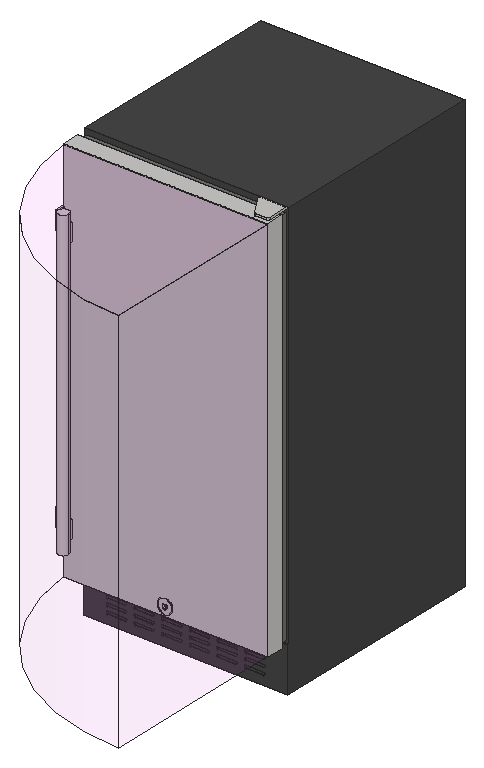
Revit family "QF_Summit_ASDS1523_ADA_Compliant_All_Refrigerator", category Specialty Equipment, Revit 2020
Family settings
  Round Connector Dimension = Use Diameter
  Part Type = Normal
  Work Plane-Based = No
  Always vertical = Yes
  Cut with Voids When Loaded = No
  Shared = No
  Room Calculation Point = No
Parameters
  Weight in Pounds = 59
  Watts = if(Phase = 3, Volts * FL Amps * 1.73, Volts * FL Amps)  # 115 W
  Volts = 115 V
  URL Cutsheet = ""
  Specification by User = ""
  Specification by Manufacturer = ""
  Show RHD [instance] = yes
  Show LHD [instance] = not(Show RHD)  # no
  Show Kickplate Extension [instance] = no
  Show Feet [instance] = not(Show Kickplate Extension)  # yes
  Show Clearance [instance] = yes
  Serial Number = ""
  Seismic Rating = ""
  SMACNA No = ""
  Revision Code = ""
  Phase = 1
  Number of Poles = 1
  NAFEM Spec ID Number = ""
  Model = "ASDS1523"
  Min Ckt Ampacity = 0 A
  Max Overcurrent Protection = 0 A
  Masterspec = ""
  Manufacturer = "Summit"
  Length = 14 3/4"
  Item Number = ""
  Installed By = ""
  Identify Quantity as Lot = yes
  Height = 32"
  HP = ""
  Furnished By = ""
  Foodservice Equipment Identifier = yes
  FL Amps = 1 A
  Electrical Remarks = ""
  Electric Connection Type = ""
  Elec Conn RI Height = 0"
  Elec Conn Connection Height = 0"
  Description = "ADA Compliant All-Refrigerator"
  Depth = 17 3/4"
  Default Elevation = 0"
  Cycle = 60 Hz
  Conn Plug = ""
  Conn Conduit = yes
  CSI MasterFormat = ""
  Base Height [instance] = if(Show Feet, 1/2", if(Show Kickplate Extension, 2", 1/2"))  # 1/2"
  Apparent Power = if(Phase = 3, Volts * FL Amps * 1.73, Volts * FL Amps)  # 115 VA
Reference planes (in)
  plane 1 "BACK": y = 0
  plane 2: z = 0
  plane 3 "LEFT": x = 0
  plane 4 "RIGHT": x = 14.75
  plane 5 "FRONT": y = -17.75
  plane 6 "TOP": z = 32
  plane 7 "Center Y": x = 7.375
  plane 8 "Center X": y = -8.875
  plane 9 "Base Height": z = 0.5
  plane 10: y = -31.25
  plane 11: y = -15.875
  plane 12: y = -19.75
  plane 13: z = 3.75
  plane 14: y = -16.5
Forms (in)
  Extrusion 1, solid, material "QF_Metal_Black"
    sketch origin (0, 0, 0.5) x (-1, 0, 0) y (0, -1, 0)
      loop
        line (0, 0) -> (0, 15.875) -> (-14.75, 15.875) -> (-14.75, 0) -> (0, 0)
    from 0 to 31.5
  Extrusion 2, solid, material "QF_Metal - Stainless - Polished"
    sketch origin (14.75, -15.875, 0.5) x (-1, 0, 0) y (0, 0, -1)
      loop
        line (14.75, -31.3125) -> (14.75, -3.25) -> (0, -3.25) -> (0, -31.3125) -> (14.75, -31.3125)
    from 0.625 to 1.875
  Extrusion 3, solid, material "QF_Rubber - Black - Smooth"
    sketch origin (14.75, -15.875, 0.5) x (-1, 0, 0) y (0, 0, -1)
      loop
        line (14.5625, -3.4375) -> (0.1875, -3.4375) -> (0.1875, -31.125) -> (14.5625, -31.125) -> (14.5625, -3.4375)
    from 0 to 0.625
  Extrusion 4, solid, material "QF_Metal - Stainless - Polished", visible <- "Show RHD"
    sketch origin (0, 0, 32) x (-1, 0, 0) y (0, -1, 0)
      loop
        line (-12.55283, 15.875) -> (-13.58839, 17.50301)
        arc (-13.58839, 17.50301) -> (-13.63387, 17.54662) -> (-13.69485, 17.5625) r 0.125
        line (-13.69485, 17.5625) -> (-14.5, 17.5625)
        arc (-14.5, 17.5625) -> (-14.58839, 17.52589) -> (-14.625, 17.4375) r 0.125
        line (-14.625, 17.4375) -> (-14.625, 15.875) -> (-12.55283, 15.875)
    from 0 to -0.125
  Extrusion 5, solid, material "QF_Metal - Stainless - Polished"
    sketch origin (14.75, -17.75, 0.5) x (-1, 0, 0) y (0, 0, -1)
      loop
        circle (7.4375, -3.885) r 0.5
      loop
        arc (7.46179, -4.07097) -> (7.62511, -3.88507) -> (7.46179, -3.69917) r 0.18746
        line (7.46179, -3.69917) -> (7.46179, -4.07097)
      loop
        line (7.41231, -4.07069) -> (7.41231, -3.69923)
        arc (7.41231, -3.69923) -> (7.2502, -3.88496) -> (7.41231, -4.07069) r 0.18745
    from -0.0625 to 0
  Extrusion 6, solid, material "QF_Rubber - Black - Smooth"
    sketch origin (0, 0, 0.5) x (1, 0, 0) y (0, 0, -1)
      loop
        circle (11.75, -1.80244) r 0.25
    from 0 to 0.0625
  Revolve 7, solid, material "QF_Metal - Stainless - Polished", visible <- "Show Feet"
    sketch origin (0.26375, -1.6875, 0) x (1, 0, 0) y (0, 0, 1)
      loop
        line (13.04811, 0.5) -> (12.86061, 0.5) -> (12.86061, 0.375) -> (12.48213, 0.375)
        arc (12.48213, 0.375) -> (12.44398, 0.35732) -> (12.43281, 0.31678) r 0.05
        line (12.43281, 0.31678) -> (12.47865, 0.04178)
        arc (12.47865, 0.04178) -> (12.49565, 0.01185) -> (12.52797, 0) r 0.05
        line (12.52797, 0) -> (13.04811, 0) -> (13.04811, 0.5)
      axis (13.04811, 0) -> (13.04811, 0.5)
    angle from 0 to 360
  Revolve 8, solid, material "QF_Metal - Stainless - Polished", visible <- "Show Feet"
    sketch origin (0.26375, -14.3125, 0) x (1, 0, 0) y (0, 0, 1)
      loop
        line (13.04811, 0.5) -> (12.86061, 0.5) -> (12.86061, 0.375) -> (12.48213, 0.375)
        arc (12.48213, 0.375) -> (12.44398, 0.35732) -> (12.43281, 0.31678) r 0.05
        line (12.43281, 0.31678) -> (12.47865, 0.04178)
        arc (12.47865, 0.04178) -> (12.49565, 0.01185) -> (12.52797, 0) r 0.05
        line (12.52797, 0) -> (13.04811, 0) -> (13.04811, 0.5)
      axis (13.04811, 0) -> (13.04811, 0.5)
    angle from 0 to 360
  Revolve 9, solid, material "QF_Metal - Stainless - Polished", visible <- "Show Feet"
    sketch origin (-11.61061, -1.6875, 0) x (1, 0, 0) y (0, 0, 1)
      loop
        line (13.04811, 0.5) -> (12.86061, 0.5) -> (12.86061, 0.375) -> (12.48213, 0.375)
        arc (12.48213, 0.375) -> (12.44398, 0.35732) -> (12.43281, 0.31678) r 0.05
        line (12.43281, 0.31678) -> (12.47865, 0.04178)
        arc (12.47865, 0.04178) -> (12.49565, 0.01185) -> (12.52797, 0) r 0.05
        line (12.52797, 0) -> (13.04811, 0) -> (13.04811, 0.5)
      axis (13.04811, 0) -> (13.04811, 0.5)
    angle from 0 to 360
  Revolve 10, solid, material "QF_Metal - Stainless - Polished", visible <- "Show Feet"
    sketch origin (-11.61061, -14.3125, 0) x (1, 0, 0) y (0, 0, 1)
      loop
        line (13.04811, 0.5) -> (12.86061, 0.5) -> (12.86061, 0.375) -> (12.48213, 0.375)
        arc (12.48213, 0.375) -> (12.44398, 0.35732) -> (12.43281, 0.31678) r 0.05
        line (12.43281, 0.31678) -> (12.47865, 0.04178)
        arc (12.47865, 0.04178) -> (12.49565, 0.01185) -> (12.52797, 0) r 0.05
        line (12.52797, 0) -> (13.04811, 0) -> (13.04811, 0.5)
      axis (13.04811, 0) -> (13.04811, 0.5)
    angle from 0 to 360
  Extrusion 11, solid, material "QF_Clearances_Door_Drawer", visible <- "Show RHD"
    sketch origin (0, 0, 0.5) x (-1, 0, 0) y (0, -1, 0)
      loop
        arc (-0.01397, 17.75) -> (-4.74104, 27.38271) -> (-14.75, 31.24987) r 14.72454
        line (-14.75, 31.24987) -> (-14.75, 17.75) -> (-0.01397, 17.75)
    from 3.25 to 31.25
  Extrusion 12, solid, material "QF_Metal_Black"
    sketch origin (14.75, -15.875, 0.5) x (-1, 0, 0) y (0, 0, -1)
      loop
        line (14.75, -3.25) -> (14.75, 0) -> (0, 0) -> (0, -3.25) -> (14.75, -3.25)
      loop
        arc (1.75, -2.625) -> (1.625, -2.75) -> (1.75, -2.875) r 0.125
        line (1.75, -2.875) -> (3, -2.875)
        arc (3, -2.875) -> (3.125, -2.75) -> (3, -2.625) r 0.125
        line (3, -2.625) -> (1.75, -2.625)
      loop
        arc (1.75, -2.125) -> (1.625, -2.25) -> (1.75, -2.375) r 0.125
        line (1.75, -2.375) -> (3, -2.375)
        arc (3, -2.375) -> (3.125, -2.25) -> (3, -2.125) r 0.125
        line (3, -2.125) -> (1.75, -2.125)
      loop
        arc (1.75, -1.625) -> (1.625, -1.75) -> (1.75, -1.875) r 0.125
        line (1.75, -1.875) -> (3, -1.875)
        arc (3, -1.875) -> (3.125, -1.75) -> (3, -1.625) r 0.125
        line (3, -1.625) -> (1.75, -1.625)
      loop
        arc (1.75, -1.125) -> (1.625, -1.25) -> (1.75, -1.375) r 0.125
        line (1.75, -1.375) -> (3, -1.375)
        arc (3, -1.375) -> (3.125, -1.25) -> (3, -1.125) r 0.125
        line (3, -1.125) -> (1.75, -1.125)
      loop
        arc (1.75, -0.625) -> (1.625, -0.75) -> (1.75, -0.875) r 0.125
        line (1.75, -0.875) -> (3, -0.875)
        arc (3, -0.875) -> (3.125, -0.75) -> (3, -0.625) r 0.125
        line (3, -0.625) -> (1.75, -0.625)
      loop
        arc (3.75, -2.625) -> (3.625, -2.75) -> (3.75, -2.875) r 0.125
        line (3.75, -2.875) -> (5, -2.875)
        arc (5, -2.875) -> (5.125, -2.75) -> (5, -2.625) r 0.125
        line (5, -2.625) -> (3.75, -2.625)
      loop
        arc (3.75, -2.125) -> (3.625, -2.25) -> (3.75, -2.375) r 0.125
        line (3.75, -2.375) -> (5, -2.375)
        arc (5, -2.375) -> (5.125, -2.25) -> (5, -2.125) r 0.125
        line (5, -2.125) -> (3.75, -2.125)
      loop
        arc (3.75, -1.625) -> (3.625, -1.75) -> (3.75, -1.875) r 0.125
        line (3.75, -1.875) -> (5, -1.875)
        arc (5, -1.875) -> (5.125, -1.75) -> (5, -1.625) r 0.125
        line (5, -1.625) -> (3.75, -1.625)
      loop
        arc (3.75, -1.125) -> (3.625, -1.25) -> (3.75, -1.375) r 0.125
        line (3.75, -1.375) -> (5, -1.375)
        arc (5, -1.375) -> (5.125, -1.25) -> (5, -1.125) r 0.125
        line (5, -1.125) -> (3.75, -1.125)
      loop
        arc (3.75, -0.625) -> (3.625, -0.75) -> (3.75, -0.875) r 0.125
        line (3.75, -0.875) -> (5, -0.875)
        arc (5, -0.875) -> (5.125, -0.75) -> (5, -0.625) r 0.125
        line (5, -0.625) -> (3.75, -0.625)
      loop
        arc (5.75, -2.625) -> (5.625, -2.75) -> (5.75, -2.875) r 0.125
        line (5.75, -2.875) -> (7, -2.875)
        arc (7, -2.875) -> (7.125, -2.75) -> (7, -2.625) r 0.125
        line (7, -2.625) -> (5.75, -2.625)
      loop
        arc (5.75, -2.125) -> (5.625, -2.25) -> (5.75, -2.375) r 0.125
        line (5.75, -2.375) -> (7, -2.375)
        arc (7, -2.375) -> (7.125, -2.25) -> (7, -2.125) r 0.125
        line (7, -2.125) -> (5.75, -2.125)
      loop
        arc (5.75, -1.625) -> (5.625, -1.75) -> (5.75, -1.875) r 0.125
        line (5.75, -1.875) -> (7, -1.875)
        arc (7, -1.875) -> (7.125, -1.75) -> (7, -1.625) r 0.125
        line (7, -1.625) -> (5.75, -1.625)
      loop
        arc (5.75, -1.125) -> (5.625, -1.25) -> (5.75, -1.375) r 0.125
        line (5.75, -1.375) -> (7, -1.375)
        arc (7, -1.375) -> (7.125, -1.25) -> (7, -1.125) r 0.125
        line (7, -1.125) -> (5.75, -1.125)
      loop
        arc (5.75, -0.625) -> (5.625, -0.75) -> (5.75, -0.875) r 0.125
        line (5.75, -0.875) -> (7, -0.875)
        arc (7, -0.875) -> (7.125, -0.75) -> (7, -0.625) r 0.125
        line (7, -0.625) -> (5.75, -0.625)
      loop
        arc (7.75, -2.625) -> (7.625, -2.75) -> (7.75, -2.875) r 0.125
        line (7.75, -2.875) -> (9, -2.875)
        arc (9, -2.875) -> (9.125, -2.75) -> (9, -2.625) r 0.125
        line (9, -2.625) -> (7.75, -2.625)
      loop
        arc (7.75, -2.125) -> (7.625, -2.25) -> (7.75, -2.375) r 0.125
        line (7.75, -2.375) -> (9, -2.375)
        arc (9, -2.375) -> (9.125, -2.25) -> (9, -2.125) r 0.125
        line (9, -2.125) -> (7.75, -2.125)
      loop
        arc (7.75, -1.625) -> (7.625, -1.75) -> (7.75, -1.875) r 0.125
        line (7.75, -1.875) -> (9, -1.875)
        arc (9, -1.875) -> (9.125, -1.75) -> (9, -1.625) r 0.125
        line (9, -1.625) -> (7.75, -1.625)
      loop
        arc (7.75, -1.125) -> (7.625, -1.25) -> (7.75, -1.375) r 0.125
        line (7.75, -1.375) -> (9, -1.375)
        arc (9, -1.375) -> (9.125, -1.25) -> (9, -1.125) r 0.125
        line (9, -1.125) -> (7.75, -1.125)
      loop
        arc (7.75, -0.625) -> (7.625, -0.75) -> (7.75, -0.875) r 0.125
        line (7.75, -0.875) -> (9, -0.875)
        arc (9, -0.875) -> (9.125, -0.75) -> (9, -0.625) r 0.125
        line (9, -0.625) -> (7.75, -0.625)
      loop
        arc (9.75, -2.625) -> (9.625, -2.75) -> (9.75, -2.875) r 0.125
        line (9.75, -2.875) -> (11, -2.875)
        arc (11, -2.875) -> (11.125, -2.75) -> (11, -2.625) r 0.125
        line (11, -2.625) -> (9.75, -2.625)
      loop
        arc (9.75, -2.125) -> (9.625, -2.25) -> (9.75, -2.375) r 0.125
        line (9.75, -2.375) -> (11, -2.375)
        arc (11, -2.375) -> (11.125, -2.25) -> (11, -2.125) r 0.125
        line (11, -2.125) -> (9.75, -2.125)
      loop
        arc (9.75, -1.625) -> (9.625, -1.75) -> (9.75, -1.875) r 0.125
        line (9.75, -1.875) -> (11, -1.875)
        arc (11, -1.875) -> (11.125, -1.75) -> (11, -1.625) r 0.125
        line (11, -1.625) -> (9.75, -1.625)
      loop
        arc (9.75, -1.125) -> (9.625, -1.25) -> (9.75, -1.375) r 0.125
        line (9.75, -1.375) -> (11, -1.375)
        arc (11, -1.375) -> (11.125, -1.25) -> (11, -1.125) r 0.125
        line (11, -1.125) -> (9.75, -1.125)
      loop
        arc (9.75, -0.625) -> (9.625, -0.75) -> (9.75, -0.875) r 0.125
        line (9.75, -0.875) -> (11, -0.875)
        arc (11, -0.875) -> (11.125, -0.75) -> (11, -0.625) r 0.125
        line (11, -0.625) -> (9.75, -0.625)
      loop
        arc (11.75, -2.625) -> (11.625, -2.75) -> (11.75, -2.875) r 0.125
        line (11.75, -2.875) -> (13, -2.875)
        arc (13, -2.875) -> (13.125, -2.75) -> (13, -2.625) r 0.125
        line (13, -2.625) -> (11.75, -2.625)
      loop
        arc (11.75, -2.125) -> (11.625, -2.25) -> (11.75, -2.375) r 0.125
        line (11.75, -2.375) -> (13, -2.375)
        arc (13, -2.375) -> (13.125, -2.25) -> (13, -2.125) r 0.125
        line (13, -2.125) -> (11.75, -2.125)
      loop
        arc (11.75, -1.625) -> (11.625, -1.75) -> (11.75, -1.875) r 0.125
        line (11.75, -1.875) -> (13, -1.875)
        arc (13, -1.875) -> (13.125, -1.75) -> (13, -1.625) r 0.125
        line (13, -1.625) -> (11.75, -1.625)
      loop
        arc (11.75, -1.125) -> (11.625, -1.25) -> (11.75, -1.375) r 0.125
        line (11.75, -1.375) -> (13, -1.375)
        arc (13, -1.375) -> (13.125, -1.25) -> (13, -1.125) r 0.125
        line (13, -1.125) -> (11.75, -1.125)
      loop
        arc (11.75, -0.625) -> (11.625, -0.75) -> (11.75, -0.875) r 0.125
        line (11.75, -0.875) -> (13, -0.875)
        arc (13, -0.875) -> (13.125, -0.75) -> (13, -0.625) r 0.125
        line (13, -0.625) -> (11.75, -0.625)
    from 0 to 0.0625
  Extrusion 13, solid, material "QF_Metal - Stainless - Polished"
    sketch origin (0.125, 0, 31.875) x (0, -1, 0) y (-1, 0, 0)
      loop
        circle (17.0625, -14.1875) r 0.10936
    from 0 to 0.0625
  Extrusion 14, void
    sketch origin (14.75, -17.75, 0.5) x (-1, 0, 0) y (0, 0, -1)
      loop
        circle (7.4375, -3.88646) r 0.5625
    from 0.25 to -0.0625
  Extrusion 15, solid, material "QF_Metal - Stainless - Polished", visible <- "Show RHD"
    sketch origin (0, 0, 0.5) x (-1, 0, 0) y (0, -1, 0)
      loop
        circle (-1.25, 19.375) r 0.375
    from 6 to 28
  Extrusion 16, solid, material "QF_Metal - Stainless - Polished", visible <- "Show RHD"
    sketch origin (0, 0, 0.5) x (-1, 0, 0) y (0, -1, 0)
      loop
        line (-1.5, 19.09549) -> (-1.5, 18.94199)
        arc (-1.5, 18.94199) -> (-1.37941, 18.89204) -> (-1.25, 18.875) r 0.5
        arc (-1.25, 18.875) -> (-1.12181, 18.89171) -> (-1.00219, 18.94073) r 0.5
        arc (-1.00219, 18.94073) -> (-0.94801, 18.95377) -> (-0.89527, 18.93579) r 0.1
        line (-0.89527, 18.93579) -> (-0.04264, 18.33878)
        arc (-0.04264, 18.33878) -> (-0.0113, 18.30304) -> (0, 18.25686) r 0.1
        line (0, 18.25686) -> (0, 17.25686) -> (0.125, 17.25686) -> (0.125, 18.32193)
        arc (0.125, 18.32193) -> (0.1137, 18.36811) -> (0.08236, 18.40385) r 0.1
        line (0.08236, 18.40385) -> (-0.96185, 19.13501)
        arc (-0.96185, 19.13501) -> (-1.22254, 19.00101) -> (-1.5, 19.09549) r 0.375
    from 26 to 27.25
  Extrusion 17, solid, material "QF_Metal - Stainless - Polished", visible <- "Show RHD"
    sketch origin (0, 0, 0.5) x (-1, 0, 0) y (0, -1, 0)
      loop
        line (-1.5, 19.09549) -> (-1.5, 18.94199)
        arc (-1.5, 18.94199) -> (-1.37941, 18.89204) -> (-1.25, 18.875) r 0.5
        arc (-1.25, 18.875) -> (-1.12181, 18.89171) -> (-1.00219, 18.94073) r 0.5
        arc (-1.00219, 18.94073) -> (-0.94801, 18.95377) -> (-0.89527, 18.93579) r 0.1
        line (-0.89527, 18.93579) -> (-0.04264, 18.33878)
        arc (-0.04264, 18.33878) -> (-0.0113, 18.30304) -> (0, 18.25686) r 0.1
        line (0, 18.25686) -> (0, 17.25686) -> (0.125, 17.25686) -> (0.125, 18.32193)
        arc (0.125, 18.32193) -> (0.1137, 18.36811) -> (0.08236, 18.40385) r 0.1
        line (0.08236, 18.40385) -> (-0.96185, 19.13501)
        arc (-0.96185, 19.13501) -> (-1.22254, 19.00101) -> (-1.5, 19.09549) r 0.375
    from 6.75 to 8
  Extrusion 18, solid, material "QF_Metal - Stainless - Polished", visible <- "Show LHD"
    sketch origin (14.75, 0, 32) x (1, 0, 0) y (0, 1, 0)
      loop
        line (-12.55283, -15.875) -> (-14.625, -15.875) -> (-14.625, -17.4375)
        arc (-14.625, -17.4375) -> (-14.58839, -17.52589) -> (-14.5, -17.5625) r 0.125
        line (-14.5, -17.5625) -> (-13.69485, -17.5625)
        arc (-13.69485, -17.5625) -> (-13.63387, -17.54662) -> (-13.58839, -17.50301) r 0.125
        line (-13.58839, -17.50301) -> (-12.55283, -15.875)
    from 0 to -0.125
  Extrusion 19, solid, material "QF_Clearances_Door_Drawer", visible <- "Show LHD"
    sketch origin (14.75, 0, 0.5) x (1, 0, 0) y (0, 1, 0)
      loop
        line (-0.01397, -17.75) -> (-14.75, -17.75) -> (-14.75, -31.24987)
        arc (-14.75, -31.24987) -> (-4.74104, -27.38271) -> (-0.01397, -17.75) r 14.72454
    from 3.25 to 31.25
  Extrusion 20, solid, material "QF_Metal - Stainless - Polished", visible <- "Show LHD"
    sketch origin (14.75, 0, 0.5) x (1, 0, 0) y (0, 1, 0)
      loop
        circle (-1.25, -19.375) r 0.375
    from 6 to 28
  Extrusion 21, solid, material "QF_Metal - Stainless - Polished", visible <- "Show LHD"
    sketch origin (14.75, 0, 0.5) x (1, 0, 0) y (0, 1, 0)
      loop
        arc (-1.5, -19.09549) -> (-1.22254, -19.00101) -> (-0.96185, -19.13501) r 0.375
        line (-0.96185, -19.13501) -> (0.08236, -18.40385)
        arc (0.08236, -18.40385) -> (0.1137, -18.36811) -> (0.125, -18.32193) r 0.1
        line (0.125, -18.32193) -> (0.125, -17.25686) -> (0, -17.25686) -> (0, -18.25686)
        arc (0, -18.25686) -> (-0.0113, -18.30304) -> (-0.04264, -18.33878) r 0.1
        line (-0.04264, -18.33878) -> (-0.89527, -18.93579)
        arc (-0.89527, -18.93579) -> (-0.94801, -18.95377) -> (-1.00219, -18.94073) r 0.1
        arc (-1.00219, -18.94073) -> (-1.12181, -18.89171) -> (-1.25, -18.875) r 0.5
        arc (-1.25, -18.875) -> (-1.37941, -18.89204) -> (-1.5, -18.94199) r 0.5
        line (-1.5, -18.94199) -> (-1.5, -19.09549)
    from 26 to 27.25
  Extrusion 22, solid, material "QF_Metal - Stainless - Polished", visible <- "Show LHD"
    sketch origin (14.75, 0, 0.5) x (1, 0, 0) y (0, 1, 0)
      loop
        arc (-1.5, -19.09549) -> (-1.22254, -19.00101) -> (-0.96185, -19.13501) r 0.375
        line (-0.96185, -19.13501) -> (0.08236, -18.40385)
        arc (0.08236, -18.40385) -> (0.1137, -18.36811) -> (0.125, -18.32193) r 0.1
        line (0.125, -18.32193) -> (0.125, -17.25686) -> (0, -17.25686) -> (0, -18.25686)
        arc (0, -18.25686) -> (-0.0113, -18.30304) -> (-0.04264, -18.33878) r 0.1
        line (-0.04264, -18.33878) -> (-0.89527, -18.93579)
        arc (-0.89527, -18.93579) -> (-0.94801, -18.95377) -> (-1.00219, -18.94073) r 0.1
        arc (-1.00219, -18.94073) -> (-1.12181, -18.89171) -> (-1.25, -18.875) r 0.5
        arc (-1.25, -18.875) -> (-1.37941, -18.89204) -> (-1.5, -18.94199) r 0.5
        line (-1.5, -18.94199) -> (-1.5, -19.09549)
    from 6.75 to 8
Cuts and joins
  joined: Extrusion 1, Extrusion 12
  Extrusion 14 cuts Extrusion 2
Lines and regions (in)
  symbolic lines
    curve 1: line (0, 0, 0.5) -> (14.75, 0, 0.5)
    curve 2: line (0, -15.875, 0.5) -> (0, 0, 0.5)
    curve 3: line (14.75, -15.875, 0.5) -> (0, -15.875, 0.5)
    curve 4: line (14.75, 0, 0.5) -> (14.75, -15.875, 0.5)
  symbolic lines, visible <- "Show RHD"
    curve 5: line (0, -16.5, 0.5) -> (12.95039, -16.5, 0.5)
    curve 6: line (0, -18.25686, 0.5) -> (0, -16.5, 0.5)
    curve 7: line (14.75, -17.75, 0.5) -> (0, -17.75, 0.5)
    curve 8: line (0.1875, -15.875, 0.5) -> (0.1875, -16.5, 0.5)
    curve 11: line (14.625, -17.4375, 0.5) -> (14.625, -15.875, 0.5)
    curve 12: line (12.55283, -15.875, 0.5) -> (13.58839, -17.50301, 0.5)
    curve 13: arc (13.58839, -17.50301, 0.5) -> (13.63387, -17.54662, 0.5) -> (13.69485, -17.5625, 0.5) r 0.125
    curve 14: line (13.69485, -17.5625, 0.5) -> (14.5, -17.5625, 0.5)
    curve 15: arc (14.5, -17.5625, 0.5) -> (14.58839, -17.52589, 0.5) -> (14.625, -17.4375, 0.5) r 0.125
    curve 16: line (14.75, -16.49976, 0.5) -> (14.75, -17.75, 0.5)
    curve 17: arc (0.875, -19.375, 0.5) -> (1.25, -19.75, 0.5) -> (1.625, -19.375, 0.5) r 0.375
    curve 18: arc (1.625, -19.375, 0.5) -> (1.25, -19, 0.5) -> (0.875, -19.375, 0.5) r 0.375
    curve 19: line (-0.08236, -18.40385, 0.5) -> (0.96185, -19.13501, 0.5)
    curve 20: arc (-0.125, -18.32193, 0.5) -> (-0.1137, -18.36811, 0.5) -> (-0.08236, -18.40385, 0.5) r 0.1
    curve 21: line (-0.125, -17.25686, 0.5) -> (-0.125, -18.32193, 0.5)
    curve 22: line (-0.125, -17.25686, 0.5) -> (0, -17.25686, 0.5)
    curve 23: arc (0.04264, -18.33878, 0.5) -> (0.0113, -18.30304, 0.5) -> (0, -18.25686, 0.5) r 0.1
    curve 24: line (0.89527, -18.93579, 0.5) -> (0.04264, -18.33878, 0.5)
    curve 25: arc (1.00219, -18.94073, 0.5) -> (0.94801, -18.95377, 0.5) -> (0.89527, -18.93579, 0.5) r 0.1
    curve 26: arc (1.25, -18.875, 0.5) -> (1.12181, -18.89171, 0.5) -> (1.00219, -18.94073, 0.5) r 0.5
    curve 27: arc (1.5, -18.94199, 0.5) -> (1.37941, -18.89204, 0.5) -> (1.25, -18.875, 0.5) r 0.5
    curve 28: line (1.5, -19.09549, 0.5) -> (1.5, -18.94199, 0.5)
    curve 29: line (14.75, -16.49976, 0.5) -> (14.625, -16.49976, 0.5)
  symbolic lines, style "QF_Clearances_Door_Drawer", visible <- "Show RHD"
    curve 9: arc (0.01397, -17.75, 0.5) -> (0.8085, -21.44333, 0.5) -> (2.51664, -24.81293, 0.5) r 14.72454
    curve 10: line (14.75, -17.75, 0.5) -> (2.51664, -24.81293, 0.5)
  symbolic lines, visible <- "Show LHD"
    curve 30: line (14.75, -16.5, 0.5) -> (1.79961, -16.5, 0.5)
    curve 31: line (14.75, -18.25686, 0.5) -> (14.75, -16.5, 0.5)
    curve 32: line (0, -17.75, 0.5) -> (14.75, -17.75, 0.5)
    curve 33: line (14.5625, -15.875, 0.5) -> (14.5625, -16.5, 0.5)
    curve 36: line (0.125, -17.4375, 0.5) -> (0.125, -15.875, 0.5)
    curve 37: line (2.19717, -15.875, 0.5) -> (1.16161, -17.50301, 0.5)
    curve 38: arc (1.16161, -17.50301, 0.5) -> (1.11613, -17.54662, 0.5) -> (1.05515, -17.5625, 0.5) r 0.125
    curve 39: line (1.05515, -17.5625, 0.5) -> (0.25, -17.5625, 0.5)
    curve 40: arc (0.25, -17.5625, 0.5) -> (0.16161, -17.52589, 0.5) -> (0.125, -17.4375, 0.5) r 0.125
    curve 41: line (0, -16.49976, 0.5) -> (0, -17.75, 0.5)
    curve 42: arc (13.875, -19.375, 0.5) -> (13.5, -19.75, 0.5) -> (13.125, -19.375, 0.5) r 0.375
    curve 43: arc (13.125, -19.375, 0.5) -> (13.5, -19, 0.5) -> (13.875, -19.375, 0.5) r 0.375
    curve 44: line (14.83236, -18.40385, 0.5) -> (13.78815, -19.13501, 0.5)
    curve 45: arc (14.875, -18.32193, 0.5) -> (14.8637, -18.36811, 0.5) -> (14.83236, -18.40385, 0.5) r 0.1
    curve 46: line (14.875, -17.25686, 0.5) -> (14.875, -18.32193, 0.5)
    curve 47: line (14.875, -17.25686, 0.5) -> (14.75, -17.25686, 0.5)
    curve 48: arc (14.70736, -18.33878, 0.5) -> (14.7387, -18.30304, 0.5) -> (14.75, -18.25686, 0.5) r 0.1
    curve 49: line (13.85473, -18.93579, 0.5) -> (14.70736, -18.33878, 0.5)
    curve 50: arc (13.74781, -18.94073, 0.5) -> (13.80199, -18.95377, 0.5) -> (13.85473, -18.93579, 0.5) r 0.1
    curve 51: arc (13.5, -18.875, 0.5) -> (13.62819, -18.89171, 0.5) -> (13.74781, -18.94073, 0.5) r 0.5
    curve 52: arc (13.25, -18.94199, 0.5) -> (13.37059, -18.89204, 0.5) -> (13.5, -18.875, 0.5) r 0.5
    curve 53: line (13.25, -19.09549, 0.5) -> (13.25, -18.94199, 0.5)
    curve 54: line (0, -16.49976, 0.5) -> (0.125, -16.49976, 0.5)
  symbolic lines, style "QF_Clearances_Door_Drawer", visible <- "Show LHD"
    curve 34: arc (14.73603, -17.75, 0.5) -> (13.9415, -21.44333, 0.5) -> (12.23336, -24.81293, 0.5) r 14.72454
    curve 35: line (0, -17.75, 0.5) -> (12.23336, -24.81293, 0.5)
Dimensions and locks (in)
  equal spacing: plane 3 "LEFT", plane 7 "Center Y", plane 4 "RIGHT"
  "Length": plane 3 "LEFT" to plane 4 "RIGHT"
  equal spacing: plane 5 "FRONT", plane 8 "Center X", plane 1 "BACK"
  "Depth": plane 5 "FRONT" to plane 1 "BACK"
  plane 6 "TOP" to level = 32"
  "Base Height": plane 9 "Base Height" to level
  plane 10 to plane 1 "BACK" = 31 1/4"
  plane 11 to plane 1 "BACK" = 15 7/8"
  plane 12 to plane 5 "FRONT" = 2"
  plane 13 to plane 9 "Base Height" = 3 1/4"
  locked: plane 6 "TOP" to plane 9 "Base Height" at 31.5
  plane 5 "FRONT" to plane 14 = 1 1/4"
  aligned and locked: level to plane 2
Automatic sketch dimensions
  curve 17 to curve 26 = 0"  (x2)
  curve 17 to curve 27 = 0"
  curve 42 to curve 51 = 0"  (x2)
  curve 42 to curve 52 = 0"
  plane 14 to curve 31 = 0"
  plane 5 "FRONT" to curve 32 = 0"
  curve 10 to plane 4 "RIGHT" = 0"
  plane 1 "BACK" to curve 1 = 0"
  curve 1 to plane 4 "RIGHT" = 0"
  curve 11 to plane 11 = 0"
  plane 14 to curve 5 = 0"
  plane 5 "FRONT" to curve 9 = 0"
  curve 6 to plane 3 "LEFT" = 0"
  curve 1 to plane 3 "LEFT" = 0"
  curve 7 to curve 41 = 14 3/4"
  curve 34 to curve 41 = 1/16"
  curve 36 to curve 32 = 1/8"
  curve 39 to curve 40 = 1/8"
  curve 39 to plane 5 "FRONT" = 3/16"
  curve 39 to curve 39 = 0.80515"
  curve 37 to plane 5 "FRONT" = 0.24699"
  curve 37 to curve 38 = 0.10646"
  curve 35 to plane 12 = 5.06293"
  curve 35 to curve 37 = 11.07175"
  plane 12 to curve 53 = 0.80801"
  curve 53 to curve 35 = 1.01664"
  curve 52 to curve 53 = 1/4"
  curve 50 to curve 51 = 0.29737"
  plane 12 to curve 49 = 0.81421"
  curve 49 to curve 50 = 0.05736"
  plane 5 "FRONT" to curve 48 = 0.50686"
  curve 48 to curve 50 = 0.85263"
  plane 5 "FRONT" to curve 49 = 0.58878"
  curve 49 to curve 48 = 0.05736"
  curve 45 to curve 31 = 0.025"
  plane 5 "FRONT" to curve 44 = 0.65385"
  curve 44 to curve 45 = 0.05736"
  curve 46 to curve 44 = 0.04264"
  plane 4 "RIGHT" to curve 9 = 1/16"
  plane 4 "RIGHT" to curve 11 = 1/8"
  curve 15 to curve 15 = 1/8"
  curve 14 to plane 5 "FRONT" = 3/16"
  curve 14 to curve 14 = 0.80515"
  curve 12 to plane 5 "FRONT" = 0.24699"
  curve 13 to curve 12 = 0.10646"
  plane 3 "LEFT" to curve 10 = 2.51664"
  plane 3 "LEFT" to curve 28 = 1 1/2"
  curve 28 to curve 27 = 1/4"
  curve 27 to curve 25 = 0.29737"
  curve 25 to curve 24 = 0.05736"
  curve 23 to curve 23 = 0.1"
  plane 3 "LEFT" to curve 24 = 0.04264"
  curve 20 to plane 3 "LEFT" = 0.025"
  curve 19 to plane 3 "LEFT" = 0.08236"
  curve 20 to curve 21 = 0.04264"
  curve 29 to plane 14 = 0.00024"
  curve 54 to plane 14 = 0.00024"
  plane 14 to curve 9 = 0.02546"
  plane 14 to curve 34 = 0.02546"
  curve 22 to plane 5 "FRONT" = 0.49314"
  curve 47 to plane 5 "FRONT" = 0.49314"
  plane 5 "FRONT" to curve 23 = 0.50686"
  curve 6 to curve 21 = 0.06507"
  curve 50 to curve 50 = 0.08192"
  plane 12 to curve 25 = 0.89612"
  curve 25 to curve 24 = 0.08192"
  curve 25 to curve 28 = 0.08811"
  plane 12 to curve 43 = 3/8"
  plane 12 to curve 17 = 3/8"
  curve 10 to plane 12 = 5.06293"
  curve 30 to curve 37 = 0.63801"
  curve 53 to curve 43 = 1/8"
  plane 12 to curve 44 = 0.61499"
  curve 30 to curve 33 = 3/16"
  curve 13 to curve 5 = 0.63801"
  curve 18 to curve 28 = 1/8"
  plane 12 to curve 19 = 0.61499"
  plane 3 "LEFT" to curve 8 = 3/16"
  plane 1 "BACK" to Extrusion 1 sketch curve = 0"
  Extrusion 1 sketch curve to plane 4 "RIGHT" = 0"
  Extrusion 1 sketch curve to plane 3 "LEFT" = 0"
  Extrusion 1 sketch curve to plane 11 = 0"
  Extrusion 2 sketch curve to Extrusion 1 = 0"  (x2)
  Extrusion 1 to Extrusion 2 sketch curve = 3/16"
  Extrusion 1 to Extrusion 2 sketch curve = 3 1/4"
  Extrusion 3 sketch curve to Extrusion 1 = 3/16"
  Extrusion 1 to Extrusion 3 sketch curve = 3/16"
  Extrusion 1 to Extrusion 3 sketch curve = 3/8"
  Extrusion 1 to Extrusion 3 sketch curve = 3 7/16"
  Extrusion 1 to Extrusion 4 sketch curve = 0"
  Extrusion 4 sketch curve to Extrusion 1 = 1/8"
  Extrusion 4 sketch curve to Extrusion 4 sketch curve = 1/8"  (x2)
  Extrusion 4 sketch curve to Extrusion 4 sketch curve = 0.80515"
  Extrusion 4 sketch curve to Extrusion 4 sketch curve = 0.10646"
  Extrusion 4 sketch curve to Extrusion 4 sketch curve = 1.03556"
  Extrusion 1 to Extrusion 4 sketch curve = 1 9/16"
  Extrusion 5 sketch curve to Extrusion 2 = 115/256"
  Extrusion 5 sketch curve to Extrusion 2 = 7.33769"
  Extrusion 5 sketch curve to Extrusion 5 sketch curve = 0.02518"
  Extrusion 5 sketch curve to Extrusion 5 sketch curve = 0.00015"
  Extrusion 5 sketch curve to Extrusion 5 sketch curve = 0"
  Extrusion 5 sketch curve to Extrusion 5 sketch curve = 0.04947"
  Extrusion 5 sketch curve to Extrusion 5 sketch curve = 0.18573"
  Extrusion 5 sketch curve to Extrusion 5 sketch curve = 0.00004"
  Extrusion 5 sketch curve to Extrusion 5 sketch curve = 0.00011"
  Extrusion 5 sketch curve to Extrusion 5 sketch curve = 0.00028"
  Extrusion 6 sketch curve to Extrusion 1 = 3"
  Extrusion 1 to Extrusion 6 sketch curve = 1.80244"
  Revolve 7 sketch curve to level = 0"
  Revolve 7 sketch curve to plane 9 "Base Height" = 0"  (x2)
  Revolve 7 sketch curve to plane 9 "Base Height" = 0.18322"
  plane 4 "RIGHT" to Revolve 7 sketch curve = 2.05344"
  level to Revolve 7 sketch curve = 0.04178"
  Revolve 7 sketch curve to Revolve 7 sketch curve = 0.04583"
  Revolve 7 sketch curve to Revolve 7 sketch curve = 0.04932"
  level to Revolve 7 sketch curve = 0.05"
  Revolve 7 sketch curve to Revolve 7 sketch curve = 0.37848"
  Revolve 7 sketch curve to Revolve 7 sketch curve = 3/16"
  Revolve 7 sketch curve to Revolve 7 sketch curve = 0.00822"
  Revolve 7 sketch curve to Revolve 7 sketch curve = 0"
  Revolve 7 sketch curve to Revolve 7 sketch curve = 0.13117"
  Revolve 8 sketch curve to level = 0"
  Revolve 8 sketch curve to plane 9 "Base Height" = 0"  (x2)
  Revolve 8 sketch curve to plane 9 "Base Height" = 0.18322"
  plane 4 "RIGHT" to Revolve 8 sketch curve = 2.05344"
  level to Revolve 8 sketch curve = 0.04178"
  Revolve 8 sketch curve to Revolve 8 sketch curve = 0.04583"
  Revolve 8 sketch curve to Revolve 8 sketch curve = 0.04932"  (x2)
  Revolve 8 sketch curve to Revolve 8 sketch curve = 0.37848"
  Revolve 8 sketch curve to Revolve 8 sketch curve = 3/16"
  Revolve 8 sketch curve to Revolve 8 sketch curve = 0.00822"
  Revolve 8 sketch curve to Revolve 8 sketch curve = 0"
  Revolve 8 sketch curve to Revolve 8 sketch curve = 0.13117"
  Revolve 9 sketch curve to level = 0"
  Revolve 9 sketch curve to plane 9 "Base Height" = 0"  (x2)
  Revolve 9 sketch curve to plane 9 "Base Height" = 0.18322"
  plane 3 "LEFT" to Revolve 9 sketch curve = 0.8222"
  level to Revolve 9 sketch curve = 0.04178"
  Revolve 9 sketch curve to Revolve 9 sketch curve = 0.04583"
  Revolve 9 sketch curve to Revolve 9 sketch curve = 0.04932"  (x2)
  Revolve 9 sketch curve to Revolve 9 sketch curve = 0.37848"
  Revolve 9 sketch curve to Revolve 9 sketch curve = 3/16"
  Revolve 9 sketch curve to Revolve 9 sketch curve = 0.00822"
  Revolve 9 sketch curve to Revolve 9 sketch curve = 0"
  Revolve 9 sketch curve to Revolve 9 sketch curve = 0.13117"
  Revolve 10 sketch curve to level = 0"
  Revolve 10 sketch curve to plane 9 "Base Height" = 0"  (x2)
  Revolve 10 sketch curve to plane 9 "Base Height" = 0.18322"
  plane 3 "LEFT" to Revolve 10 sketch curve = 0.8222"
  level to Revolve 10 sketch curve = 0.04178"
  Revolve 10 sketch curve to Revolve 10 sketch curve = 0.04583"
  Revolve 10 sketch curve to Revolve 10 sketch curve = 0.04932"  (x2)
  Revolve 10 sketch curve to Revolve 10 sketch curve = 0.37848"
  Revolve 10 sketch curve to Revolve 10 sketch curve = 3/16"
  Revolve 10 sketch curve to Revolve 10 sketch curve = 0.00822"
  Revolve 10 sketch curve to Revolve 10 sketch curve = 0"
  Revolve 10 sketch curve to Revolve 10 sketch curve = 0.13117"
  Extrusion 11 sketch curve to plane 4 "RIGHT" = 0"
  plane 5 "FRONT" to Extrusion 11 sketch curve = 0"
  plane 14 to Extrusion 11 sketch curve = 0.02546"
  plane 4 "RIGHT" to Extrusion 11 sketch curve = 1/16"
  plane 3 "LEFT" to Extrusion 11 sketch curve = 0.01397"
  Extrusion 12 sketch curve to Extrusion 1 = 0"  (x3)
  Extrusion 1 to Extrusion 12 sketch curve = 5/8"  (x5)
  Extrusion 12 sketch curve to Extrusion 1 = 1 3/4"
  Extrusion 12 sketch curve to Extrusion 12 sketch curve = 0"  (x43)
  Extrusion 12 sketch curve to Extrusion 12 sketch curve = 1 1/4"  (x6)
  Extrusion 12 sketch curve to Extrusion 12 sketch curve = 3/4"  (x10)
  Extrusion 12 sketch curve to Extrusion 12 sketch curve = 1/8"  (x30)
  Extrusion 1 to Extrusion 12 sketch curve = 3/4"
  Extrusion 12 sketch curve to Extrusion 12 sketch curve = 1/4"  (x24)
  Extrusion 12 sketch curve to Extrusion 12 sketch curve = 3/8"
  Extrusion 4 to Extrusion 13 sketch curve = 1/2"
  Extrusion 4 to Extrusion 13 sketch curve = 5/16"
  Extrusion 14 sketch curve to Extrusion 2 = 0.63646"
  Extrusion 14 sketch curve to Extrusion 2 = 7 5/16"
  Extrusion 16 sketch curve to Extrusion 16 sketch curve = 0"  (x6)
  Extrusion 16 sketch curve to plane 3 "LEFT" = 0"
  plane 3 "LEFT" to Extrusion 16 sketch curve = 0.04264"
  Extrusion 16 sketch curve to Extrusion 16 sketch curve = 0.05736"  (x2)
  plane 3 "LEFT" to Extrusion 16 sketch curve = 0.89527"
  Extrusion 16 sketch curve to Extrusion 16 sketch curve = 0.06658"
  Extrusion 16 sketch curve to Extrusion 16 sketch curve = 0.28815"
  Extrusion 16 sketch curve to Extrusion 16 sketch curve = 1/4"
  Extrusion 16 sketch curve to plane 3 "LEFT" = 0.025"
  Extrusion 16 sketch curve to plane 3 "LEFT" = 0.08236"
  Extrusion 16 sketch curve to plane 3 "LEFT" = 1/8"
  Extrusion 16 sketch curve to plane 5 "FRONT" = 0.49314"
  plane 5 "FRONT" to Extrusion 16 sketch curve = 0.50686"
  Extrusion 16 sketch curve to Extrusion 16 sketch curve = 0.06507"
  plane 12 to Extrusion 16 sketch curve = 0.89612"
  Extrusion 16 sketch curve to Extrusion 16 sketch curve = 0.08192"
  Extrusion 16 sketch curve to Extrusion 16 sketch curve = 0.08811"
  Extrusion 16 sketch curve to Extrusion 16 sketch curve = 0.1535"
  Extrusion 16 sketch curve to Extrusion 16 sketch curve = 51/256"
  Extrusion 17 sketch curve to Extrusion 17 sketch curve = 0"  (x6)
  Extrusion 17 sketch curve to plane 3 "LEFT" = 0"
  plane 3 "LEFT" to Extrusion 17 sketch curve = 0.04264"
  Extrusion 17 sketch curve to Extrusion 17 sketch curve = 0.05736"  (x2)
  plane 3 "LEFT" to Extrusion 17 sketch curve = 0.89527"
  Extrusion 17 sketch curve to Extrusion 17 sketch curve = 0.06658"
  Extrusion 17 sketch curve to Extrusion 17 sketch curve = 0.28815"
  Extrusion 17 sketch curve to Extrusion 17 sketch curve = 1/4"
  Extrusion 17 sketch curve to plane 3 "LEFT" = 0.025"
  Extrusion 17 sketch curve to plane 3 "LEFT" = 0.08236"
  Extrusion 17 sketch curve to plane 3 "LEFT" = 1/8"
  Extrusion 17 sketch curve to plane 5 "FRONT" = 0.49314"
  plane 5 "FRONT" to Extrusion 17 sketch curve = 0.50686"
  Extrusion 17 sketch curve to Extrusion 17 sketch curve = 0.06507"
  plane 12 to Extrusion 17 sketch curve = 0.89612"
  Extrusion 17 sketch curve to Extrusion 17 sketch curve = 0.08192"
  Extrusion 17 sketch curve to Extrusion 17 sketch curve = 0.08811"
  Extrusion 17 sketch curve to Extrusion 17 sketch curve = 0.1535"
  Extrusion 17 sketch curve to Extrusion 17 sketch curve = 51/256"
  Extrusion 1 to Extrusion 18 sketch curve = 0"
  Extrusion 18 sketch curve to Extrusion 1 = 14 5/8"
  Extrusion 18 sketch curve to Extrusion 18 sketch curve = 1/8"
  Extrusion 18 sketch curve to Extrusion 18 sketch curve = 0.80515"
  Extrusion 1 to Extrusion 18 sketch curve = 1.62801"
  Extrusion 18 sketch curve to Extrusion 18 sketch curve = 0.10646"
  Extrusion 18 sketch curve to Extrusion 18 sketch curve = 1.03556"
  Extrusion 18 sketch curve to Extrusion 18 sketch curve = 0.05949"
  plane 5 "FRONT" to Extrusion 19 sketch curve = 0"
  Extrusion 19 sketch curve to plane 10 = 0.00013"
  Extrusion 19 sketch curve to plane 4 "RIGHT" = 14 3/4"
  Extrusion 19 sketch curve to plane 14 = 0.02546"
  Extrusion 19 sketch curve to Extrusion 19 sketch curve = 1/16"
  Extrusion 20 sketch curve to plane 12 = 3/8"
  Extrusion 20 sketch curve to plane 4 "RIGHT" = 1 1/4"
  Extrusion 21 sketch curve to Extrusion 21 sketch curve = 0"  (x6)
  Extrusion 21 sketch curve to plane 12 = 0.80801"
  Extrusion 21 sketch curve to plane 4 "RIGHT" = 1 1/2"
  Extrusion 21 sketch curve to Extrusion 21 sketch curve = 1/4"
  Extrusion 21 sketch curve to plane 12 = 0.61499"
  Extrusion 21 sketch curve to Extrusion 21 sketch curve = 0.28815"
  Extrusion 21 sketch curve to Extrusion 21 sketch curve = 0.00922"
  Extrusion 21 sketch curve to plane 12 = 0.81421"
  Extrusion 21 sketch curve to Extrusion 21 sketch curve = 0.05736"  (x3)
  Extrusion 21 sketch curve to Extrusion 21 sketch curve = 0.85263"
  Extrusion 21 sketch curve to plane 5 "FRONT" = 0.58878"
  Extrusion 21 sketch curve to Extrusion 21 sketch curve = 0.04264"
  Extrusion 21 sketch curve to Extrusion 21 sketch curve = 0.025"
  Extrusion 21 sketch curve to plane 5 "FRONT" = 0.65385"
  Extrusion 21 sketch curve to Extrusion 21 sketch curve = 1/8"
  plane 5 "FRONT" to Extrusion 21 sketch curve = 0.49314"
  Extrusion 21 sketch curve to Extrusion 21 sketch curve = 0.08192"
  Extrusion 21 sketch curve to Extrusion 21 sketch curve = 0.1535"
  Extrusion 22 sketch curve to Extrusion 22 sketch curve = 0"  (x6)
  Extrusion 22 sketch curve to plane 12 = 0.65451"
  Extrusion 22 sketch curve to plane 4 "RIGHT" = 1 1/2"
  Extrusion 22 sketch curve to Extrusion 22 sketch curve = 1/4"
  Extrusion 22 sketch curve to plane 12 = 0.61499"
  Extrusion 22 sketch curve to Extrusion 22 sketch curve = 0.28815"
  Extrusion 22 sketch curve to Extrusion 22 sketch curve = 0.00922"
  Extrusion 22 sketch curve to plane 12 = 0.81421"
  Extrusion 22 sketch curve to Extrusion 22 sketch curve = 0.05736"  (x3)
  Extrusion 22 sketch curve to Extrusion 22 sketch curve = 0.85263"
  Extrusion 22 sketch curve to plane 5 "FRONT" = 0.58878"
  Extrusion 22 sketch curve to Extrusion 22 sketch curve = 0.04264"
  Extrusion 22 sketch curve to Extrusion 22 sketch curve = 0.025"
  Extrusion 22 sketch curve to plane 5 "FRONT" = 0.65385"
  Extrusion 22 sketch curve to Extrusion 22 sketch curve = 1/8"
  plane 5 "FRONT" to Extrusion 22 sketch curve = 0.49314"
  Extrusion 22 sketch curve to Extrusion 22 sketch curve = 0.08192"
  Extrusion 22 sketch curve to Extrusion 22 sketch curve = 0.1535"
  radius of Extrusion 5 sketch curve = 1/2"
  radius of Extrusion 6 sketch curve = 1/4"
  radius of Extrusion 13 sketch curve = 7/64"
  radius of Extrusion 14 sketch curve = 9/16"
  radius of Extrusion 20 sketch curve = 3/8"
Connectors (in)
  electrical at (11.75, 0.0625, 2.30244), driven by "Volts"
    settings: on Extrusion 6, index 1, voltage 115 V, apparent load 0 VA, apparent load phase1 0 VA, apparent load phase2 0 VA, apparent load phase3 0 VA, power factor 1, load classification "Other", number of poles 1, system type 30, power factor state 1, is connector primary yes, connector utility no, sub classification motor no, connector description "Electrical Connection"
